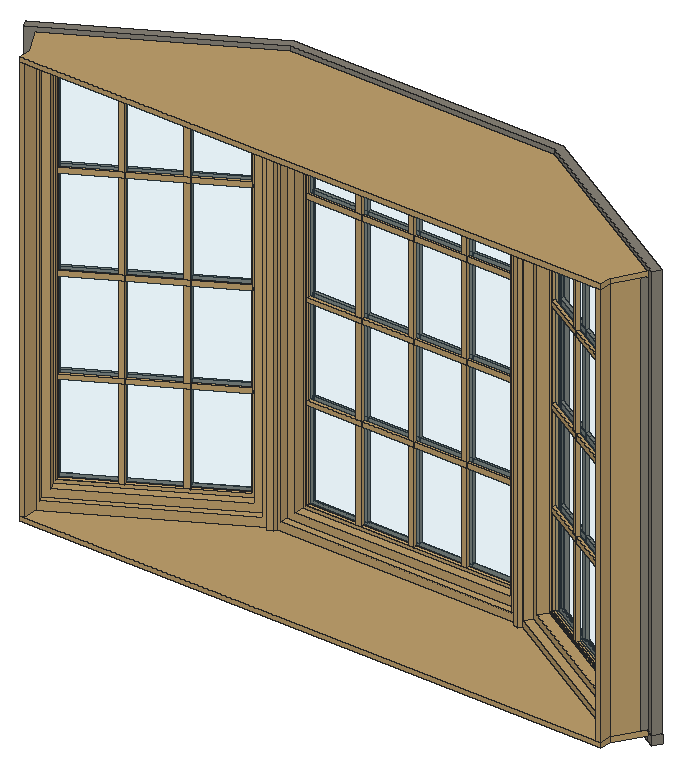
Revit family
Parameters (values of type "CUCABB_30")
  Window Type = "Clad Ultimate Casement Bay-30 Degree"
  Width Side Unit = Nominal Width Side Unit  # 2' - 4"
  Width Center Unit = Nominal Width Center Unit  # 3' - 0"
  Void Offset_SB = if(Sill Board Visibility, 0' 0 11/16", 0' 0")  # 0' - 0 11/16"
  Void Offset_S = if(Subsill A217 Visibility, 0' 1 11/32", if(Sill Board Visibility, 0' 0 11/16", if(Subsill A246 Visibility, 0' 0 9/16", 0' 0")))  # 0' - 1 11/32"
  Void Offset_HB = if(Head Board Visibility, 0' 0 11/16", 0' 0")  # 0' - 0 11/16"
  Void Offset_H = if(Flat Casing Visibility, 0' 3", if(BMC Visibility, 0' 1 5/16", if(Head Board Visibility, 0' 0 11/16", 0' 0")))  # 0' - 1 5/16"
  Void Offset_C2 = if(Flat Casing Visibility, 0' 3", 0' 1 5/16")  # 0' - 1 5/16"
  Void Offset_C = if(Casing Visibility, 0' 0", 0' 9")  # 0' - 0"
  Vent Area = VO Width * VO Height * 2  # 15.6714 SF
  VO Width = if(Width Side Unit < 1' 8", Width Side Unit - 0' 9 19/32", Width Side Unit - 0' 7 7/64")  # 1' - 8 57/64"
  VO Height = Height Without Seat_Head Board - 0' 5 29/256"  # 4' - 6 3/256"
  URL = "www.marvin.com"
  Subsill Height = if(Subsill A217 Visibility, 0' 1 11/32", 0' 0 9/16")  # 0' - 1 11/32"
  Prairie Corner Width = 0' - 4"
  Prairie Corner Height = 0' - 4"
  Offset_3 [instance] = if(not(Casing Visibility), 0' 0 1/16", if(Inset to Installation Flange > 0' 0 9/16", 0' 1", 0' 0"))  # 0' - 1"
  Offset_2 [instance] = if(not(Casing Visibility), 0' 0 1/16", if(Inset to Installation Flange < 0' 1", 0' 1", 0' 0"))  # 0' - 0"
  Offset [instance] = 0' 4 9/16" - Casing Offset + Inset to Installation Flange  # 0' - 4 29/32"
  Muntins Interior Material = Wood-Marvin-Pine
  Muntins Exterior Material = Aluminum-Marvin-Bronze
  Lite Cut Prairie 9 = no
  Lite Cut HV Grid = not(Lite Cut Prairie 9)  # yes
  Interior Material = Wood-Marvin-Pine
  Head Board Visibility = yes
  Sill Board Visibility = yes
  Projection = (Width Side Unit + 0' 1 57/256") * sin(30.00°)  # 1' - 2.61133"
  Glazing Material = Glass-Marvin-IG Low E II with Argon
  Frame = "Aluminum Clad"
  Elevation Swing Visibility = yes
  Design Pressure = "DP50"
  Cladding Material = Aluminum-Marvin-Bronze
  Casing Width = if(BMC Visibility, 0' 1 5/16", 0' 3")  # 0' - 1 5/16"
  Casing Visibility = yes
  Subsill Visibility = yes
  Casing Offset = if(BMC Visibility, 0' 0 21/32", if(Flat Casing Visibility, 0' 1 1/2", 0' 0"))  # 0' - 0 21/32"
  BMC Visibility = and(Casing Visibility, BMC)  # yes
  Flat Casing Visibility = and(Casing Visibility, Flat Casing)  # no
  Subsill A246 Visibility = and(Subsill Visibility, Subsill A246)  # no
  Subsill A217 Visibility = and(Subsill Visibility, Subsill A217)  # yes
  BMC = yes
  Flat Casing = not(BMC)  # no
  Subsill A246 = no
  Subsill A217 = not(Subsill A246)  # yes
  Nominal Width Side Unit = 2' - 4"
  Nominal Width Center Unit = 3' - 0"
  Nominal Height = 5' - 0"
  Model = "CUCABB_30"
  Manufacturer = "Marvin Windows and Doors"
  Lites Wide Side = 3
  Lites Wide Center = 4
  Lites High = 4
  Label Visibility = no
  Height With Seat_Head Board = Nominal Height + 0' 0 1/2"  # 5' - 0 1/2"
  Height Without Seat_Head Board = Nominal Height - 0' 0 7/8"  # 4' - 11 1/8"
  Glass Type = "IG Low E II with Argon"
  Family created by (URL) = "www.rbuiltcomponents.com"
  Rough Width = (Projection / tan(30.00°)) * 2 + Width Center Unit + 0' 2 57/128"  # 7' - 5.06044"
  Rough Height = Height + 0' 0 1/2"  # 5' - 1"
  Muntins Interior Visibility = yes
  Muntins Exterior Visibility = yes
  Inset to Installation Flange [instance] = 0' - 1"
  Height = if(and(Head Board Visibility, Sill Board Visibility), Nominal Height + 0' 0 1/2", if(or(Head Board Visibility, Sill Board Visibility), Nominal Height - 0' 0 3/16", Nominal Height - 0' 0 7/8"))  # 5' - 0 1/2"
  Description = "CSMT BAY"
  Default Head Height = 8' - 0"
  Wall Closure = (empty or 0)
  Width = Rough Width  # 7' - 5.06044"
  Daylight Area = 2 * (DLO Width Side * DLO Height) + (DLO Width Center * DLO Height)  # 27.605 SF
  DLO Width Side = Width Side Unit - 0' 5 13/16"  # 1' - 10 3/16"
  DLO Width Center = Width Center Unit - 0' 5 13/16"  # 2' - 6 3/16"
  DLO Height = Height Without Seat_Head Board - 0' 5 13/16"  # 4' - 5 5/16"
  Assembly Code = ""
Reference planes (in)
  plane 1 "Center (Front/Back)": y = 6.53006
  plane 2: z = 0
  plane 3 "Center (Left/Right)": x = -3
  plane 4 "Left": x = -47.53022
  plane 5 "Right": x = 41.53022
  plane 6 "Sill": z = 36.1875
  plane 7 "Top": z = 95.3125
  plane 8 "Inset": y = 9.18631
  plane 9 "Jamb Ext Face": y = 4.62381
  plane 10: z = 65.75
  plane 11: y = 5.23709
  plane 12: x = -45.25014
  plane 13: x = 39.24897
  plane 14 "Projection": y = 23.79764
  plane 15 "HB": z = 96
  plane 16 "SB": z = 35.5
  plane 17 "Offset_H": z = 96.625
  plane 18 "Offset_S": z = 34.84375
  plane 19 "Subsill": z = 34.84375
  plane 20 "Offset_HB": z = 96
  plane 21 "Offset_SB": z = 35.5
  plane 22 "Casing": z = 96.625
Forms (in)
  Extrusion 1, void
    sketch origin (0, 0, 36.1875) x (0, -1, 0) y (1, 0, 0)
      loop
        line (-5.23709, -45.25014) -> (-3.53006, -45.25014) -> (-3.53006, 39.24897) -> (-5.23709, 39.24897) -> (-5.23709, -45.25014)
    from -0.6875 to 59.8125
  Extrusion 2, void
    sketch origin (0, 0, 36.1875) x (0, -1, 0) y (1, 0, 0)
      loop
        line (-9.53006, -47.72868) -> (-5.23709, -45.25014) -> (-5.23709, 39.25014) -> (-9.53006, 41.72868) -> (-9.53006, -47.72868)
    from -1.34375 to 60.4375
  Extrusion 3, solid, material "Wood-Marvin-Pine" <- "Interior Material", visible <- "Sill Board Visibility"
    sketch origin (0, 0, 36.1875) x (0, -1, 0) y (1, 0, 0)
      loop
        line (-9.18631, -47.53022) -> (-5.23709, -45.25014) -> (-3.53006, -45.25014) -> (-3.53006, 39.24897) -> (-5.23507, 39.24897) -> (-9.18631, 41.53022) -> (-23.79764, 16.22266) -> (-23.79764, -22.22266) -> (-9.18631, -47.53022)
    from 0 to -0.6875
  Extrusion 4, solid, material "Wood-Marvin-Pine" <- "Interior Material", visible <- "Head Board Visibility"
    sketch origin (0, 0, 95.3125) x (0, -1, 0) y (1, 0, 0)
      loop
        line (-9.18631, -47.53022) -> (-5.23709, -45.25014) -> (-3.53006, -45.25014) -> (-3.53006, 39.24897) -> (-5.23709, 39.24897) -> (-9.18631, 41.53022) -> (-23.79764, 16.23561) -> (-23.79764, -22.22266) -> (-9.18631, -47.53022)
    from 0.6875 to 0
  Extrusion 5, void
    sketch origin (0, 0, 36.1875) x (0, -1, 0) y (1, 0, 0)
      loop
        line (-9.18631, -47.53022) -> (-19.57861, -53.53022) -> (-18.92236, -54.66688) -> (-8.53006, -48.66688) -> (-9.18631, -47.53022)
      loop
        line (-9.18631, 41.53022) -> (-8.53006, 42.66688) -> (-18.92236, 48.66688) -> (-19.57861, 47.53022) -> (-9.18631, 41.53022)
    from -1.34375 to 60.4375
  Extrusion 6, void
    sketch origin (0, 0, 36.1875) x (0, -1, 0) y (1, 0, 0)
      loop
        line (-23.79764, -22.22266) -> (-8.53006, -48.66688) -> (-8.53006, 42.66688) -> (-23.79764, 16.22266) -> (-23.79764, -22.22266)
    from 60.4375 to -1.34375
  Sweep 7, solid, material "Aluminum-Marvin-Bronze" <- "Cladding Material", visible <- "Flat Casing Visibility"
    path in 3D
      loop
        line (-48.66688, 8.53006, 34.84375) -> (-48.66688, 8.53006, 96.625) -> (-22.22266, 23.79764, 96.625) -> (16.22266, 23.79764, 96.625) -> (42.66688, 8.53006, 96.625) -> (42.66688, 8.53006, 34.84375)
    profile "Flat_Casing_Clad : Flat_Casing_Clad" origin (-48.66688, 8.53006, 65.73438) x (1, 0, 0) y (0, 1, 0)
      loop
        line (2.0512, 2.44722) -> (-0.54688, 0.94722) -> (0, 0) -> (2.59808, 1.5) -> (2.0512, 2.44722)
  Sweep 8, solid, material "Aluminum-Marvin-Bronze" <- "Cladding Material", visible <- "Subsill Visibility"
    path in 3D
      loop
        line (42.66688, 8.53006, 34.84375) -> (16.22266, 23.79764, 34.84375) -> (-22.22266, 23.79764, 34.84375) -> (-48.66688, 8.53006, 34.84375)
    profile origin (-3, 23.79764, 34.84375) x (0, -1, 0) y (0, 0, 1)
      loop
        line (0, 1.34375) -> (-1.09401, 1.34375) -> (-1.09401, 1.1911) -> (-1.34375, 1.15625) -> (-1.34375, 0) -> (0, 0) -> (0, 1.34375)
  Sweep 9, solid, material "Aluminum-Marvin-Bronze" <- "Cladding Material", visible <- "BMC Visibility"
    path in 3D
      loop
        line (-48.66688, 8.53006, 34.84375) -> (-48.66688, 8.53006, 96.625) -> (-22.22266, 23.79764, 96.625) -> (16.22266, 23.79764, 96.625) -> (42.66688, 8.53006, 96.625) -> (42.66688, 8.53006, 34.84375)
    profile "BMC_Clad : BMC_Clad" origin (-48.66688, 8.53006, 65.73438) x (1, 0, 0) y (0, 1, 0)
      loop
        line (-0.10826, 1.38084) -> (-0.62494, 1.08253) -> (0.00006, 0) -> (1.13672, 0.65625) -> (0.58984, 1.60347) -> (0.26006, 1.41306) -> (-0.10826, 1.38084)
  Extrusion 10, solid, material "Wood-Marvin-Pine" <- "Interior Material"
    sketch origin (0, 0, 36.1875) x (0, -1, 0) y (1, 0, 0)
      loop
        line (-3.53006, -45.25014) -> (-3.53006, -44.56264) -> (-5.63132, -44.56264) -> (-5.23439, -45.25014) -> (-3.53006, -45.25014)
      loop
        line (-3.53006, 39.24897) -> (-5.23507, 39.24897) -> (-5.632, 38.56147) -> (-3.53006, 38.56147) -> (-3.53006, 39.24897)
    from 0 to 59.125
  Extrusion 11, solid, material "Wood-Marvin-Pine" <- "Interior Material"
    sketch origin (0, 0, 36.1875) x (0, -1, 0) y (1, 0, 0)
      loop
        line (-24.13375, -23.82851) -> (-19.34376, -21.06301)
        arc (-19.34376, -21.06301) -> (-19.24891, -21.05052) -> (-19.17301, -21.10876) r 0.125
        line (-19.17301, -21.10876) -> (-18.93851, -21.51493) -> (-18.5055, -21.26493) -> (-18.73565, -20.40651) -> (-19.23565, -20.40651) -> (-19.23565, -20.875)
        arc (-19.23565, -20.875) -> (-19.27226, -20.96339) -> (-19.36065, -21) r 0.125
        line (-19.36065, -21) -> (-24.89165, -21) -> (-24.89165, -22.51579) -> (-24.13375, -23.82851)
      loop
        line (-24.13375, 17.82851) -> (-24.89165, 16.51579) -> (-24.89165, 15) -> (-19.36065, 15)
        arc (-19.36065, 15) -> (-19.27226, 14.96339) -> (-19.23565, 14.875) r 0.125
        line (-19.23565, 14.875) -> (-19.23565, 14.40651) -> (-18.73565, 14.40651) -> (-18.5055, 15.26493) -> (-18.93851, 15.51493) -> (-19.17301, 15.10876)
        arc (-19.17301, 15.10876) -> (-19.24891, 15.05052) -> (-19.34376, 15.06301) r 0.125
        line (-19.34376, 15.06301) -> (-24.13375, 17.82851)
    from 0 to 59.125
Cuts and joins
  Extrusion 5 cuts Extrusion 3
Lines and regions (in)
  Masking region 1, visible <- "Sill Board Visibility"
    outline origin (0, 0, 36.1875) x (0, -1, 0) y (1, 0, 0)
      loop
        line (-19.23514, -21.00014) -> (-5.23439, -45.25014) -> (-3.53006, -45.25014) -> (-3.53006, 39.24897) -> (-5.23507, 39.24897) -> (-19.23514, 15.00014) -> (-19.23514, -21.00014)
  Masking region 2
    outline origin (-3, 7.5, 0) x (0, 1, 0) y (0, 0, 1)
      loop
        line (17.39165, 95.3125) -> (-3.96994, 95.3125) -> (-3.96994, 36.1875) -> (17.39165, 36.1875) -> (17.39165, 95.3125)
  Masking region 3, visible <- "BMC Visibility"
    outline origin (0, 0, 36.1875) x (0, -1, 0) y (1, 0, 0)
      loop
        line (-10.13353, -48.07703) -> (-9.94312, -48.40682) -> (-9.9109, -48.77513) -> (-9.61259, -49.29182) -> (-8.53006, -48.66682) -> (-9.18631, -47.53016) -> (-10.13353, -48.07703)
      loop
        line (-10.13353, 42.07703) -> (-9.18631, 41.53016) -> (-8.53006, 42.66682) -> (-9.61259, 43.29182) -> (-9.9109, 42.77513) -> (-9.94312, 42.40682) -> (-10.13353, 42.07703)
  Masking region 4, visible <- "Flat Casing Visibility"
    outline origin (0, 0, 36.1875) x (0, -1, 0) y (1, 0, 0)
      loop
        line (-8.53006, -48.66688) -> (-10.03006, -46.0688) -> (-10.97728, -46.61568) -> (-9.47728, -49.21375) -> (-8.53006, -48.66688)
      loop
        line (-8.53006, 42.66688) -> (-9.47728, 43.21375) -> (-10.97728, 40.61568) -> (-10.03006, 40.0688) -> (-8.53006, 42.66688)
  Masking region 5
    outline origin (0, 0, 36.1875) x (0, -1, 0) y (1, 0, 0)
      loop
        line (-24.89165, -22.51579) -> (-10.13375, -48.07722) -> (-5.23709, -45.25014) -> (-3.53006, -45.25014) -> (-3.53006, -44.56264) -> (-5.63191, -44.56264) -> (-19.23514, -21.00115) -> (-19.23514, 15.00115) -> (-5.63258, 38.56147) -> (-3.53006, 38.56147) -> (-3.53006, 39.24897) -> (-5.23507, 39.24897) -> (-10.13375, 42.07722) -> (-24.89165, 16.51579) -> (-24.89165, -22.51579)
  Masking region 6, visible <- "Subsill Visibility"
    outline origin (-47.53022, 0, 0) x (0, -1, 0) y (0, 0, 1)
      loop
        line (-5.23709, 36.1875) -> (-24.89165, 36.1875) -> (-24.89165, 36.03485) -> (-25.14139, 36) -> (-25.14139, 34.84375) -> (-5.23709, 34.84375) -> (-5.23709, 36.1875)
  Masking region 7, visible <- "Sill Board Visibility"
    outline origin (-47.53022, 0, 0) x (0, -1, 0) y (0, 0, 1)
      loop
        line (-23.79764, 36.1875) -> (-23.79764, 35.5) -> (-3.53006, 35.5) -> (-3.53006, 36.1875) -> (-23.79764, 36.1875)
  Masking region 8, visible <- "Casing Visibility"
    outline origin (-47.53022, 0, 0) x (0, -1, 0) y (0, 0, 1)
      loop
        line (-24.89139, 96.625) -> (-24.89139, 95.3125) -> (-5.23709, 95.3125) -> (-5.23709, 96.625) -> (-24.89139, 96.625)
  Masking region 9, visible <- "Head Board Visibility"
    outline origin (-47.53022, 0, 0) x (0, -1, 0) y (0, 0, 1)
      loop
        line (-23.79764, 96) -> (-23.79764, 95.3125) -> (-3.53006, 95.3125) -> (-3.53006, 96) -> (-23.79764, 96)
  symbolic lines, style "WindowsFrameMullionProjection", detail levels coarse+medium
    curve 1: line (-3, 24.89165, 95.3125) -> (-3, 24.89165, 94.1245)
    curve 2: line (-3, 24.89165, 94.1245) -> (-3, 19.23565, 94.1245)
    curve 3: line (-3, 19.23565, 94.1245) -> (-3, 19.23565, 95.3125)
    curve 4: line (-3, 23.43165, 94.1245) -> (-3, 23.43165, 92.4165)
    curve 5: line (-3, 23.43165, 92.4165) -> (-3, 21.81065, 92.4165)
    curve 6: line (-3, 21.81065, 37.3755) -> (-3, 21.81065, 39.0835)
    curve 7: line (-3, 24.89165, 36.1875) -> (-3, 24.89165, 37.3755)
    curve 8: line (-3, 24.89165, 37.3755) -> (-3, 19.23565, 37.3755)
    curve 9: line (-3, 19.23565, 37.3755) -> (-3, 19.23565, 36.1875)
    curve 10: line (-3, 23.43165, 39.0835) -> (-3, 21.81065, 39.0835)
    curve 11: line (-3, 21.81065, 39.0835) -> (-3, 21.81065, 92.4165)
    curve 12: line (-3, 23.43165, 39.0835) -> (-3, 23.43165, 37.3755)
    curve 13: line (-3, 21.81065, 92.4165) -> (-3, 21.81065, 94.1245)
    curve 14: line (-3, 23.43165, 92.4165) -> (-3, 23.43165, 39.0835)
    curve 36: line (-45.24922, 5.23551, 36.1875) -> (-44.22038, 5.82951, 36.1875)
    curve 37: line (-44.22038, 5.82951, 36.1875) -> (-47.0457, 10.72309, 36.1875)
    curve 38: line (-48.07453, 10.12909, 36.1875) -> (-45.24922, 5.23551, 36.1875)
    curve 39: line (-47.0457, 10.72309, 36.1875) -> (-48.07453, 10.12909, 36.1875)
    curve 40: line (-44.83921, 10.31735, 36.1875) -> (-46.31838, 9.46335, 36.1875)
    curve 41: line (-45.50788, 8.05952, 36.1875) -> (-44.02871, 8.91352, 36.1875)
    curve 42: line (-44.02871, 8.91352, 36.1875) -> (-44.83921, 10.31735, 36.1875)
    curve 43: line (-23.82851, 24.13375, 36.1875) -> (-21.00051, 19.23551, 36.1875)
    curve 44: line (-23.82851, 24.13375, 36.1875) -> (-24.85735, 23.53975, 36.1875)
    curve 45: line (-22.02935, 18.64151, 36.1875) -> (-21.00051, 19.23551, 36.1875)
    curve 46: line (-24.85735, 23.53975, 36.1875) -> (-22.02935, 18.64151, 36.1875)
    curve 47: line (-25.60652, 21.42135, 36.1875) -> (-24.12735, 22.27535, 36.1875)
    curve 48: line (-23.31685, 20.87152, 36.1875) -> (-24.79602, 20.01752, 36.1875)
    curve 49: line (-24.79602, 20.01752, 36.1875) -> (-25.60652, 21.42135, 36.1875)
    curve 50: line (-21.00051, 24.89165, 36.1875) -> (-21.00051, 19.23565, 36.1875)
    curve 51: line (-21.00051, 19.23565, 36.1875) -> (-19.81251, 19.23565, 36.1875)
    curve 52: line (-19.81251, 19.23565, 36.1875) -> (-19.81251, 24.89165, 36.1875)
    curve 53: line (-19.81251, 24.89165, 36.1875) -> (-21.00051, 24.89165, 36.1875)
    curve 54: line (-18.10451, 23.43165, 36.1875) -> (-19.81251, 23.43165, 36.1875)
    curve 55: line (-19.81251, 21.81065, 36.1875) -> (-18.10451, 21.81065, 36.1875)
    curve 56: line (-18.10451, 21.81065, 36.1875) -> (-18.10451, 23.43165, 36.1875)
    curve 57: line (15.00051, 24.89165, 36.1875) -> (15.00051, 19.23565, 36.1875)
    curve 58: line (15.00051, 19.23565, 36.1875) -> (13.81251, 19.23565, 36.1875)
    curve 59: line (13.81251, 19.23565, 36.1875) -> (13.81251, 24.89165, 36.1875)
    curve 60: line (13.81251, 24.89165, 36.1875) -> (15.00051, 24.89165, 36.1875)
    curve 61: line (12.10451, 23.43165, 36.1875) -> (13.81251, 23.43165, 36.1875)
    curve 62: line (13.81251, 21.81065, 36.1875) -> (12.10451, 21.81065, 36.1875)
    curve 63: line (12.10451, 21.81065, 36.1875) -> (12.10451, 23.43165, 36.1875)
    curve 65: line (15.00063, 19.23523, 36.1875) -> (17.82872, 24.13363, 36.1875)
    curve 66: line (17.82872, 24.13363, 36.1875) -> (18.85735, 23.53975, 36.1875)
    curve 67: line (18.85735, 23.53975, 36.1875) -> (16.02926, 18.64135, 36.1875)
    curve 68: line (16.02926, 18.64135, 36.1875) -> (15.00063, 19.23523, 36.1875)
    curve 69: line (19.60652, 21.42135, 36.1875) -> (18.12735, 22.27535, 36.1875)
    curve 70: line (17.31685, 20.87152, 36.1875) -> (18.79602, 20.01752, 36.1875)
    curve 71: line (18.79602, 20.01752, 36.1875) -> (19.60652, 21.42135, 36.1875)
    curve 72: line (39.50788, 8.05952, 36.1875) -> (38.02871, 8.91352, 36.1875)
    curve 73: line (38.83921, 10.31735, 36.1875) -> (40.31838, 9.46335, 36.1875)
    curve 74: line (38.02871, 8.91352, 36.1875) -> (38.83921, 10.31735, 36.1875)
    curve 75: line (38.22038, 5.82951, 36.1875) -> (41.04838, 10.72775, 36.1875)
    curve 76: line (39.24922, 5.23551, 36.1875) -> (38.22038, 5.82951, 36.1875)
    curve 77: line (42.07722, 10.13375, 36.1875) -> (39.24922, 5.23551, 36.1875)
    curve 78: line (41.04838, 10.72775, 36.1875) -> (42.07722, 10.13375, 36.1875)
    curve 79: line (-23.82851, 24.13375, 36.1875) -> (-22.517, 24.89095, 36.1875)
    curve 80: line (-21.00051, 24.89095, 36.1875) -> (-22.517, 24.89095, 36.1875)
    curve 81: line (15.00051, 24.89165, 36.1875) -> (16.51579, 24.89165, 36.1875)
    curve 82: line (17.82872, 24.13363, 36.1875) -> (16.51579, 24.89165, 36.1875)
    curve 87: line (-44.56264, 5.63191, 36.1875) -> (-44.56264, 3.53006, 36.1875)
    curve 88: line (-44.56264, 3.53006, 36.1875) -> (-45.25014, 3.53006, 36.1875)
    curve 89: line (38.56147, 3.53006, 36.1875) -> (38.56147, 5.63258, 36.1875)
    curve 90: line (39.24897, 3.53006, 36.1875) -> (38.56147, 3.53006, 36.1875)
    curve 94: line (-47.53022, 24.89165, 36.1875) -> (-47.53022, 19.23565, 36.1875)
    curve 104: line (-47.53022, 19.23565, 95.3125) -> (-47.53022, 24.89139, 95.3125)
    curve 141: line (-44.83921, 10.31735, 36.1875) -> (-25.60652, 21.42135, 36.1875)
    curve 142: line (-44.02871, 8.91352, 36.1875) -> (-24.79602, 20.01752, 36.1875)
    curve 143: line (-18.10451, 23.43165, 36.1875) -> (12.10451, 23.43165, 36.1875)
    curve 144: line (-18.10451, 21.81065, 36.1875) -> (12.10451, 21.81065, 36.1875)
    curve 145: line (19.60652, 21.42135, 36.1875) -> (38.83921, 10.31735, 36.1875)
    curve 146: line (18.79602, 20.01752, 36.1875) -> (38.02871, 8.91352, 36.1875)
  symbolic lines, style "WindowsFrameMullionProjection"
    curve 15: line (-3, 19.23565, 37.3755) -> (-3, 19.23565, 94.1245)
    curve 117: line (-47.53022, 18.64151, 92.4165) -> (-47.53022, 9.98479, 92.4165)
    curve 118: line (-47.53022, 9.98479, 92.4165) -> (-47.53022, 9.98479, 39.0835)
    curve 119: line (-47.53022, 9.98479, 39.0835) -> (-47.53022, 18.64151, 39.0835)
    curve 120: line (-47.53022, 18.64151, 94.1245) -> (-47.53022, 6.78288, 94.1245)
    curve 121: line (-47.53022, 6.78288, 37.3755) -> (-47.53022, 18.64151, 37.3755)
    curve 122: line (-47.53022, 9.18093, 94.1245) -> (-47.53022, 9.18093, 37.3755)
    curve 123: line (-47.53022, 5.63132, 36.1875) -> (-47.53022, 5.63132, 95.3125)
    curve 124: line (-47.53022, 6.78288, 37.3755) -> (-47.53022, 6.78288, 94.1245)
    curve 125: line (-47.53022, 18.64151, 37.3755) -> (-47.53022, 18.64151, 94.1245)
  reference lines
    curve 16: line (-47.53022, 9.18631, 36.1875) -> (-45.25014, 5.23709, 36.1875)
    curve 17: line (-47.53022, 9.18631, 36.1875) -> (-45.25014, 5.23709, 36.1875)
    curve 18: line (41.53022, 9.18631, 36.1875) -> (39.24984, 5.23659, 36.1875)
    curve 19: line (-47.53022, 9.18631, 36.1875) -> (-22.22266, 23.79764, 36.1875)
    curve 20: line (41.53022, 9.18631, 36.1875) -> (16.22266, 23.79764, 36.1875)
    curve 21: line (-22.22266, 23.79764, 36.1875) -> (16.22266, 23.79764, 36.1875)
  sketch lines
    curve 22: line (-48.66688, 8.53006, 34.84375) -> (-48.66688, 8.53006, 96.625)
    curve 23: line (-48.66688, 8.53006, 96.625) -> (-22.22266, 23.79764, 96.625)
    curve 24: line (-22.22266, 23.79764, 96.625) -> (16.22266, 23.79764, 96.625)
    curve 25: line (16.22266, 23.79764, 96.625) -> (42.66688, 8.53006, 96.625)
    curve 26: line (42.66688, 8.53006, 34.84375) -> (42.66688, 8.53006, 96.625)
    curve 27: line (16.22266, 23.79764, 34.84375) -> (-22.22266, 23.79764, 34.84375)
    curve 28: line (-22.22266, 23.79764, 34.84375) -> (-48.66688, 8.53006, 34.84375)
    curve 29: line (42.66688, 8.53006, 34.84375) -> (16.22266, 23.79764, 34.84375)
    curve 30: line (-48.66688, 8.53006, 34.84375) -> (-48.66688, 8.53006, 96.625)
    curve 31: line (-48.66688, 8.53006, 96.625) -> (-22.22266, 23.79764, 96.625)
    curve 32: line (-22.22266, 23.79764, 96.625) -> (16.22266, 23.79764, 96.625)
    curve 33: line (16.22266, 23.79764, 96.625) -> (42.66688, 8.53006, 96.625)
    curve 34: line (42.66688, 8.53006, 34.84375) -> (42.66688, 8.53006, 96.625)
  symbolic lines, style "WindowsFrameMullionProjection", visible <- "Flat Casing Visibility", detail levels coarse+medium
    curve 35: line (-46.0688, 10.03006, 36.1875) -> (-48.66688, 8.53006, 36.1875)
    curve 86: line (-49.21375, 9.47728, 36.1875) -> (-46.61568, 10.97728, 36.1875)
    curve 132: line (40.0688, 10.03006, 36.1875) -> (42.66688, 8.53006, 36.1875)
    curve 136: line (43.21375, 9.47728, 36.1875) -> (40.61568, 10.97728, 36.1875)
  symbolic lines, style "WindowsGlassProjection", detail levels coarse+medium
    curve 64: line (-18.10451, 22.62115, 36.1875) -> (12.10451, 22.62115, 36.1875)
    curve 91: line (-47.53022, 22.62115, 39.0835) -> (-47.53022, 22.62115, 92.4165)
    curve 130: line (-44.43396, 9.61544, 36.1875) -> (-25.20127, 20.71944, 36.1875)
    curve 131: line (38.43396, 9.61544, 36.1875) -> (19.20127, 20.71944, 36.1875)
  symbolic lines, style "WindowsFrameMullionProjection", visible <- "BMC Visibility", detail levels coarse+medium
    curve 83: line (-49.29182, 9.61259, 36.1875) -> (-48.77513, 9.9109, 36.1875)
    curve 84: line (-48.77513, 9.9109, 36.1875) -> (-48.40682, 9.94312, 36.1875)
    curve 85: line (-48.40682, 9.94312, 36.1875) -> (-48.07703, 10.13353, 36.1875)
    curve 133: line (43.29182, 9.61259, 36.1875) -> (42.77513, 9.9109, 36.1875)
    curve 134: line (42.77513, 9.9109, 36.1875) -> (42.40689, 9.94312, 36.1875)
    curve 135: line (42.40689, 9.94312, 36.1875) -> (42.07705, 10.13355, 36.1875)
    curve 138: line (-49.21371, 9.4773, 36.1875) -> (-49.29182, 9.61259, 36.1875)
    curve 140: line (43.29182, 9.61259, 36.1875) -> (43.21371, 9.4773, 36.1875)
  symbolic lines, style "Jamb Extension", visible <- "Subsill Visibility", detail levels fine
    curve 92: line (-47.53022, 25.14139, 34.84375) -> (-47.53022, 23.79764, 34.84375)
    curve 93: line (-47.53022, 23.79764, 34.84375) -> (-47.53022, 23.79764, 36.1875)
  symbolic lines, style "WindowsFrameMullionProjection", visible <- "Subsill Visibility", detail levels coarse+medium
    curve 95: line (-47.53022, 24.89165, 36.1875) -> (-47.53022, 24.89165, 36.03485)
    curve 96: line (-47.53022, 24.89165, 36.03485) -> (-47.53022, 25.14139, 36)
    curve 97: line (-47.53022, 25.14139, 36) -> (-47.53022, 25.14139, 34.84375)
    curve 98: line (-47.53022, 25.14139, 34.84375) -> (-47.53022, 23.79764, 34.84375)
    curve 99: line (-47.53022, 23.79764, 34.84375) -> (-47.53022, 23.79764, 36.1875)
  symbolic lines, style "WindowsFrameMullionProjection", visible <- "Sill Board Visibility", detail levels coarse+medium
    curve 100: line (-47.53022, 3.53006, 36.1875) -> (-47.53022, 23.79764, 36.1875)
    curve 101: line (-47.53022, 23.79764, 35.5) -> (-47.53022, 3.53006, 35.5)
    curve 102: line (-47.53022, 3.53006, 35.5) -> (-47.53022, 3.53006, 36.1875)
    curve 103: line (-47.53022, 23.79764, 36.1875) -> (-47.53022, 23.79764, 35.5)
  symbolic lines, style "WindowsFrameMullionProjection", visible <- "Head Board Visibility", detail levels coarse+medium
    curve 105: line (-47.53022, 23.79764, 96) -> (-47.53022, 3.53006, 96)
    curve 106: line (-47.53022, 23.79764, 95.3125) -> (-47.53022, 23.79764, 96)
    curve 107: line (-47.53022, 3.53006, 95.3125) -> (-47.53022, 23.79764, 95.3125)
    curve 108: line (-47.53022, 3.53006, 96) -> (-47.53022, 3.53006, 95.3125)
  symbolic lines, style "WindowsFrameMullionProjection", visible <- "Casing Visibility", detail levels coarse+medium
    curve 109: line (-47.53022, 24.89139, 96.625) -> (-47.53022, 23.79764, 96.625)
    curve 110: line (-47.53022, 24.89139, 95.3125) -> (-47.53022, 24.89139, 96.625)
    curve 111: line (-47.53022, 23.79764, 95.3125) -> (-47.53022, 24.89139, 95.3125)
    curve 112: line (-47.53022, 23.79764, 96.625) -> (-47.53022, 23.79764, 95.3125)
    curve 137: line (-48.66688, 8.53006, 36.1875) -> (-49.21375, 9.47728, 36.1875)
    curve 139: line (43.21375, 9.47728, 36.1875) -> (42.66688, 8.53006, 36.1875)
  symbolic lines, style "Jamb Extension", visible <- "Casing Visibility", detail levels fine
    curve 113: line (-47.53022, 24.89139, 96.625) -> (-47.53022, 23.79764, 96.625)
    curve 114: line (-47.53022, 24.89139, 95.3125) -> (-47.53022, 24.89139, 96.625)
    curve 115: line (-47.53022, 23.79764, 95.3125) -> (-47.53022, 24.89139, 95.3125)
    curve 116: line (-47.53022, 23.79764, 96.625) -> (-47.53022, 23.79764, 95.3125)
  symbolic lines, style "Elevation Swing", visible <- "Elevation Swing Visibility"
    curve 126: line (17.82851, 23.79764, 36) -> (41.53022, 23.79764, 65.75)
    curve 127: line (41.53022, 23.79764, 65.75) -> (17.82851, 23.79764, 95.3125)
    curve 128: line (-23.82851, 23.79764, 36.1875) -> (-47.53022, 23.79764, 65.75)
    curve 129: line (-47.53022, 23.79764, 65.75) -> (-23.82851, 23.79764, 95.3125)
Text (in)
  text "EXTERIOR" at (-58.6888, 50.90694, 0), in view "Ref. Level"
  text "INTERIOR" at (-58.6888, -37.76638, 0), in view "Ref. Level"
  text "Exterior" at (0, 43.65631, 123.19604), in view "Left"
  text "Exterior" at (0, 18.29385, 125.04747), in view "Right"
Dimensions and locks (in)
  equal spacing: plane 4 "Left", plane 3 "Center (Left/Right)", plane 5 "Right"
  "Rough Width": plane 4 "Left" to plane 5 "Right"
  "Height With Seat_Head Board": plane 16 "SB" to plane 15 "HB"
  "Offset": host wall to plane 9 "Jamb Ext Face"
  locked: plane 9 "Jamb Ext Face" to plane 8 "Inset" at 4.5625
  equal spacing: plane 6 "Sill", plane 10, plane 7 "Top"
  "Default Head Height": plane 2 to plane 15 "HB"
  locked: nested 2 to Sweep 8 at 6
  locked: plane 9 "Jamb Ext Face" to plane 11 at 0.61328
  locked: plane 4 "Left" to plane 12 at 2.28008
  locked: plane 13 to plane 5 "Right" at 2.28125
  "Projection": plane 8 "Inset" to plane 14 "Projection"
  locked: plane 7 "Top" to plane 15 "HB" at 0.6875
  locked: plane 16 "SB" to plane 6 "Sill" at 0.6875
  "Void Offset_H": plane 17 "Offset_H" to plane 7 "Top"
  "Void Offset_S": plane 6 "Sill" to plane 18 "Offset_S"
  "Void Offset_C2": Extrusion 5 sketch curve to Extrusion 5 sketch curve  (x2)
  "Subsill Height": plane 19 "Subsill" to plane 6 "Sill"
  locked: Sweep 8 sketch curve to Sweep 8 sketch curve at 1.34375
  "Casing Offset": Extrusion 6 sketch curve to plane 8 "Inset"
  "Void Offset_HB": plane 7 "Top" to plane 20 "Offset_HB"
  "Void Offset_SB": plane 21 "Offset_SB" to plane 6 "Sill"
  locked: Masking region 7 sketch curve to plane 6 "Sill" at 0.6875
  locked: plane 7 "Top" to Masking region 9 sketch curve at 0.6875
  "Casing Width": plane 7 "Top" to plane 22 "Casing"
  locked: plane 12 to Extrusion 10 sketch curve at 0.6875
  locked: Extrusion 10 sketch curve to plane 13 at 0.6875
  locked: curve 68 to Extrusion 11 sketch curve at 0.49981
  locked: curve 58 to Extrusion 11 sketch curve at 0.5
  locked: Extrusion 11 sketch curve to nested 3 at 0.49949
  locked: Extrusion 11 sketch curve to nested 4 at 0.49949
  locked: curve 19 to Extrusion 5 sketch curve at 12
  "Void Offset_C": curve 19 to Extrusion 5 sketch curve
  locked: Extrusion 5 sketch curve to curve 20 at 12
  "Void Offset_C": Extrusion 5 sketch curve to curve 20
  Sweep 8 sketch curve to Sweep 8 sketch curve to Sweep 8 sketch curve = 0' - 0.03485" locked, 0' - 0.15265" locked
  angle plane 8 "Inset" to curve 19 = 30.00°
  angle curve 20 to plane 8 "Inset" = 30.00°
  angle plane 8 "Inset" to nested 4 = 30.00°
  angle Extrusion 4 to plane 8 "Inset" = 30.0127°
  locked: curve 20 to curve 18 (angle 90.00°)
  locked: curve 17 to curve 19 (angle 90.00°)
  aligned and locked: nested 1 to plane 3 "Center (Left/Right)"
  aligned and locked: plane 8 "Inset" to nested 1
  aligned and locked: Masking region 1 sketch curve to host wall
  aligned and locked: Masking region 2 sketch curve to plane 7 "Top"
  aligned and locked: Masking region 2 sketch curve to plane 6 "Sill"
  aligned and locked: plane 3 "Center (Left/Right)" to nested 2
  aligned and locked: curve 8 to curve 15
  aligned and locked: Extrusion 1 sketch curve to plane 11
  aligned and locked: Extrusion 1 sketch curve to host wall
  aligned and locked: plane 12 to Extrusion 1 sketch curve
  aligned and locked: plane 13 to Extrusion 1 sketch curve
  aligned and locked: plane 11 to Extrusion 2 sketch curve
  aligned and locked: Extrusion 2 sketch curve to host wall
  aligned and locked: plane 8 "Inset" to curve 17
  aligned and locked: plane 4 "Left" to curve 17
  aligned and locked: plane 5 "Right" to curve 18
  aligned and locked: plane 8 "Inset" to curve 18
  aligned and locked: Extrusion 2 sketch curve to curve 18
  aligned and locked: Extrusion 2 sketch curve to curve 17
  aligned and locked: plane 14 "Projection" to curve 19
  aligned and locked: plane 14 "Projection" to curve 20
  aligned and locked: plane 3 "Center (Left/Right)" to nested 3
  aligned and locked: plane 7 "Top" to nested 5
  aligned and locked: nested 3 to plane 7 "Top"
  aligned and locked: nested 4 to plane 7 "Top"
  aligned and locked: plane 14 "Projection" to nested 3
  aligned and locked: Extrusion 3 sketch curve to nested 3
  aligned and locked: Extrusion 3 sketch curve to curve 18
  aligned and locked: plane 13 to Extrusion 3 sketch curve
  aligned and locked: Extrusion 3 sketch curve to host wall
  aligned and locked: plane 12 to Extrusion 3 sketch curve
  aligned and locked: Extrusion 3 sketch curve to curve 17
  aligned and locked: Extrusion 3 to plane 6 "Sill"
  aligned and locked: Extrusion 4 to plane 7 "Top"
  aligned and locked: Extrusion 4 to plane 15 "HB"
  aligned and locked: plane 16 "SB" to Extrusion 3
  aligned and locked: curve 17 to Extrusion 5 sketch curve
  aligned and locked: curve 18 to Extrusion 5 sketch curve
  aligned and locked: Extrusion 6 sketch curve to curve 21
  aligned and locked: Extrusion 6 sketch curve to curve 19
  aligned and locked: Extrusion 6 sketch curve to curve 20
  aligned and locked: plane 19 "Subsill" to Extrusion 6
  aligned and locked: cut or joined group of Extrusion 3, Extrusion 5 to Sweep 8 sketch curve
  aligned and locked: Sweep 8 sketch curve to nested 3
  aligned and locked: Extrusion 6 to Sweep 8 sketch curve
  aligned and locked: nested 3 to Sweep 8 sketch curve
  aligned and locked: Masking region 3 sketch curve to Sweep 9  (x10)
  aligned and locked: Sweep 9 to Masking region 3 sketch curve  (x2)
  aligned and locked: Masking region 4 sketch curve to Sweep 7  (x6)
  aligned and locked: Sweep 7 to Masking region 4 sketch curve  (x2)
  aligned and locked: Sweep 7 to curve 35  (x2)
  aligned and locked: curve 35 to Sweep 7
  aligned and locked: plane 18 "Offset_S" to Extrusion 2
  aligned and locked: Extrusion 5 to plane 17 "Offset_H"
  aligned and locked: Extrusion 2 to plane 17 "Offset_H"
  aligned and locked: Extrusion 1 to plane 20 "Offset_HB"
  aligned and locked: plane 21 "Offset_SB" to Extrusion 1
  aligned and locked: plane 18 "Offset_S" to Extrusion 5
  aligned and locked: curve 51 to nested 1
  aligned and locked: curve 53 to nested 1
  aligned and locked: curve 54 to nested 1
  aligned and locked: nested 1 to curve 55
  aligned and locked: curve 58 to nested 1
  aligned and locked: curve 60 to nested 1
  aligned and locked: curve 61 to nested 1
  aligned and locked: nested 1 to curve 62
  aligned and locked: nested 1 to curve 80
  aligned and locked: nested 1 to curve 81
  aligned and locked: curve 83 to Sweep 9  (x2)
  aligned and locked: curve 84 to Sweep 9
  aligned and locked: curve 85 to Sweep 9
  aligned and locked: curve 86 to Sweep 7  (x2)
  aligned and locked: Sweep 7 to curve 86
  aligned and locked: nested 6 to plane 6 "Sill"
  aligned and locked: plane 14 "Projection" to nested 6
  aligned and locked: Masking region 2 sketch curve to host wall
  aligned and locked: curve 4 to nested 6
  aligned and locked: curve 13 to nested 6
  aligned and locked: curve 9 to nested 6
  aligned and locked: curve 5 to nested 6
  aligned and locked: curve 10 to nested 6
  aligned and locked: curve 10 to curve 91
  aligned and locked: curve 5 to curve 91
  aligned and locked: Masking region 6 sketch curve to plane 6 "Sill"
  aligned and locked: Masking region 6 sketch curve to Sweep 8  (x4)
  aligned and locked: Masking region 7 sketch curve to host wall
  aligned and locked: plane 14 "Projection" to Masking region 7 sketch curve
  aligned and locked: Masking region 7 sketch curve to plane 6 "Sill"
  aligned and locked: curve 92 to Sweep 8  (x2)
  aligned and locked: nested 6 to curve 93
  aligned and locked: curve 94 to nested 6  (x2)
  aligned and locked: curve 95 to Sweep 8
  aligned and locked: curve 96 to Sweep 8
  aligned and locked: curve 97 to Sweep 8
  aligned and locked: plane 14 "Projection" to curve 99
  aligned and locked: curve 100 to Masking region 7
  aligned and locked: curve 101 to Masking region 7
  aligned and locked: curve 102 to Masking region 7
  aligned and locked: curve 103 to Masking region 7
  aligned and locked: Extrusion 6 to plane 17 "Offset_H"
  aligned and locked: Masking region 8 sketch curve to plane 7 "Top"
  aligned and locked: plane 14 "Projection" to Masking region 9 sketch curve
  aligned and locked: Masking region 9 sketch curve to host wall
  aligned and locked: nested 6 to curve 104
  aligned and locked: curve 107 to Masking region 9
  aligned and locked: curve 108 to Extrusion 4
  aligned and locked: plane 14 "Projection" to curve 106
  aligned and locked: plane 7 "Top" to curve 111
  aligned and locked: curve 112 to plane 14 "Projection"
  aligned and locked: nested 4 to curve 117
  aligned and locked: curve 118 to nested 4
  aligned and locked: curve 119 to nested 4
  aligned and locked: nested 4 to curve 120
  aligned and locked: nested 4 to curve 121
  aligned and locked: nested 4 to curve 122
  aligned and locked: curve 124 to nested 4
  aligned and locked: curve 125 to nested 4
  aligned and locked: curve 105 to Masking region 9
  aligned and locked: plane 22 "Casing" to Masking region 8 sketch curve
  aligned and locked: plane 22 "Casing" to curve 113
  aligned and locked: nested 5 to curve 126
  aligned and locked: plane 10 to curve 126
  aligned and locked: curve 127 to nested 5
  aligned and locked: curve 128 to nested 4
  aligned and locked: plane 10 to curve 128
  aligned and locked: nested 4 to curve 129
  aligned and locked: Masking region 5 sketch curve to nested 3
  aligned and locked: Masking region 5 sketch curve to nested 1  (x6)
  aligned and locked: plane 12 to Masking region 5 sketch curve
  aligned and locked: Masking region 5 sketch curve to host wall
  aligned and locked: plane 13 to Masking region 5 sketch curve
  aligned and locked: plane 12 to Extrusion 10 sketch curve
  aligned and locked: Extrusion 10 sketch curve to nested 4
  aligned and locked: host wall to Extrusion 10 sketch curve
  aligned and locked: nested 5 to Extrusion 10 sketch curve
  aligned and locked: Extrusion 10 sketch curve to plane 13
  aligned and locked: Extrusion 10 sketch curve to host wall
  aligned and locked: Extrusion 10 to plane 7 "Top"
  aligned and locked: plane 6 "Sill" to Extrusion 10
  aligned and locked: Masking region 5 sketch curve to Extrusion 10  (x2)
  aligned and locked: curve 56 to nested 1
  aligned and locked: curve 52 to nested 1
  aligned and locked: curve 50 to nested 1
  aligned and locked: curve 63 to nested 1
  aligned and locked: curve 59 to nested 1
  aligned and locked: curve 57 to nested 1
  aligned and locked: curve 66 to nested 1
  aligned and locked: curve 67 to nested 1
  aligned and locked: curve 69 to nested 1
  aligned and locked: nested 1 to curve 70
  aligned and locked: curve 71 to nested 1
  aligned and locked: nested 1 to curve 82
  aligned and locked: curve 79 to Sweep 8
  aligned and locked: curve 45 to nested 1
  aligned and locked: curve 43 to nested 1
  aligned and locked: curve 46 to nested 1
  aligned and locked: curve 44 to nested 1
  aligned and locked: curve 49 to nested 1
  aligned and locked: curve 40 to nested 1
  aligned and locked: nested 1 to curve 41
  aligned and locked: curve 42 to nested 1
  aligned and locked: nested 1 to curve 38
  aligned and locked: curve 36 to nested 1
  aligned and locked: curve 47 to nested 1
  aligned and locked: nested 1 to curve 48
  aligned and locked: curve 74 to nested 1
  aligned and locked: nested 1 to curve 72
  aligned and locked: curve 73 to nested 1
  aligned and locked: curve 78 to nested 1
  aligned and locked: nested 1 to curve 75
  aligned and locked: curve 76 to nested 1
  aligned and locked: nested 1 to curve 77
  aligned and locked: Sweep 7 to curve 132  (x2)
  aligned and locked: Sweep 7 to curve 136
  aligned and locked: curve 134 to Sweep 9
  aligned and locked: Sweep 9 to curve 133
  aligned and locked: curve 135 to Sweep 7
  aligned and locked: Masking region 1 sketch curve to nested 4
  aligned and locked: nested 5 to Masking region 1 sketch curve
  aligned and locked: Masking region 1 sketch curve to nested 3
  aligned and locked: Masking region 1 sketch curve to plane 13
  aligned and locked: plane 12 to Masking region 1 sketch curve
  aligned and locked: Sweep 8 to Masking region 5 sketch curve
  aligned and locked: nested 4 to curve 17
  aligned and locked: nested 5 to curve 18
  aligned and locked: nested 4 to curve 19
  aligned and locked: nested 5 to curve 20
  aligned and locked: Sweep 8 to Extrusion 11 sketch curve  (x2)
  aligned and locked: Extrusion 11 sketch curve to Sweep 8  (x2)
  aligned and locked: nested 1 to Extrusion 11 sketch curve  (x3)
  aligned and locked: curve 45 to Extrusion 11 sketch curve
  aligned and locked: Extrusion 11 sketch curve to nested 1
  aligned and locked: Extrusion 11 sketch curve to nested 3  (x2)
  aligned and locked: Extrusion 11 sketch curve to nested 4
  aligned and locked: Extrusion 11 sketch curve to nested 5
  aligned and locked: Extrusion 11 to plane 7 "Top"
  aligned and locked: plane 6 "Sill" to Extrusion 11
  aligned and locked: curve 87 to Extrusion 10
  aligned and locked: curve 136 to Sweep 7
  aligned and locked: curve 132 to Sweep 7
  aligned and locked: curve 135 to Sweep 9
  aligned and locked: Sweep 9 to curve 85
  aligned and locked: Sweep 8 to curve 77
  aligned and locked: curve 37 to nested 1
  aligned and locked: Sweep 9 to curve 138
  aligned and locked: Sweep 7 to curve 138
  aligned and locked: curve 139 to Sweep 7
  aligned and locked: curve 140 to Sweep 9
  aligned and locked: Sweep 7 to curve 140
  aligned and locked: Masking region 2 sketch curve to Extrusion 11
  aligned and locked: curve 1 to Extrusion 11
  aligned and locked: curve 7 to Extrusion 11
  aligned and locked: curve 123 to Extrusion 10
  aligned and locked: curve 114 to Sweep 7
  aligned and locked: Masking region 8 to Sweep 7
  aligned and locked: curve 104 to nested 6
  aligned and locked: plane 11 to Masking region 8 sketch curve
  aligned and locked: Masking region 6 sketch curve to plane 11
  aligned and locked: plane 1 "Center (Front/Back)" to host wall
Automatic sketch dimensions
  Extrusion 3 sketch curve to plane 4 "Left" = 0' - 0"
  Extrusion 3 sketch curve to plane 5 "Right" = 0' - 0"
  Masking region 5 sketch curve to host wall = 0' - 0"
  Extrusion 4 sketch curve to plane 14 "Projection" = 0' - 0"
  Extrusion 4 sketch curve to plane 4 "Left" = 0' - 0"
  Extrusion 4 sketch curve to plane 8 "Inset" = 0' - 0"  (x2)
  Extrusion 4 sketch curve to plane 5 "Right" = 0' - 0"
  Extrusion 4 sketch curve to plane 11 = 0' - 0"  (x2)
  Extrusion 4 sketch curve to host wall = 0' - 0"
  Extrusion 4 sketch curve to plane 12 = 0' - 0"
  Extrusion 4 sketch curve to plane 13 = 0' - 0"
  plane 14 "Projection" to curve 91 = 0' - 1.17649"
  Masking region 8 sketch curve to plane 14 "Projection" = 0' - 1 3/32"
  Masking region 9 sketch curve to plane 7 "Top" = 0' - 0"
  curve 129 to plane 4 "Left" = 0' - 0"
  curve 127 to plane 5 "Right" = 0' - 0"
  curve 128 to plane 6 "Sill" = 0' - 0"
  curve 129 to plane 7 "Top" = 0' - 0"
  curve 127 to plane 7 "Top" = 0' - 0"
  plane 6 "Sill" to curve 126 = 0' - 0 3/16"
  curve 16 to plane 11 = 0' - 0"
  Extrusion 11 sketch curve to Extrusion 11 sketch curve = 0' - 0 1/8"
  Extrusion 11 sketch curve to Extrusion 11 sketch curve = 0' - 0.01688"  (x2)
  Extrusion 11 sketch curve to Extrusion 11 sketch curve = 0' - 0 1/16"  (x3)
  Extrusion 11 sketch curve to Extrusion 11 sketch curve = 0' - 0.10825"  (x2)
  Extrusion 11 sketch curve to Extrusion 11 sketch curve = 0' - 0.2345"  (x2)
  Extrusion 11 sketch curve to Extrusion 11 sketch curve = 0' - 0.46849"  (x2)
  curve 9 to plane 6 "Sill" = 0' - 0"
  curve 7 to plane 6 "Sill" = 0' - 0"
  curve 1 to plane 7 "Top" = 0' - 0"
  curve 3 to plane 7 "Top" = 0' - 0"
  curve 9 to curve 9 = 0' - 1.188"
  plane 7 "Top" to curve 3 = 0' - 1.188"
  curve 87 to host wall = 0' - 0"
  curve 90 to host wall = 0' - 0"
  curve 88 to plane 12 = 0' - 0"
  curve 90 to plane 13 = 0' - 0"
  curve 66 to plane 14 "Projection" = 0' - 0.33599"
  curve 64 to curve 62 = 0' - 0.8105"
  curve 131 to curve 70 = 0' - 0.70191"
  curve 47 to curve 130 = 0' - 0.70191"
  curve 57 to curve 68 = 0' - 0.00042"
  curve 37 to plane 4 "Left" = 0' - 0.48452"
  curve 75 to curve 89 = 0' - 0.19693"
Nested families (in)
  nested 1: "Bay_Plan_Detail" at (-3, 9.18631, 36.1875) x (-1, 0, 0) z (0, 0, -1), type "Casement_Plan_Detail", detail levels fine
  nested 2: "Label Annotation 1-16 w4" at (-3, 30.89165, 0), visible <- "Label Visibility", type "Label Annotation 1-16 w4"
    with Nominal Width 7' - 5.06044"
  nested 3: "Window-Casement-Marvin-Clad_Ultimate" at (-3, 23.79764, -0.6875), Unit Width <- "Width Center Unit", type "Window-Casement-Marvin-Clad_Ultimate Center"
    with Unit Width 3' - 0", Elevation Swing RH no, Elevation Swing LH no, DLO Width 2' - 6 3/16", DLO Height 4' - 5 5/16"
  nested 4: "Window-Casement-Marvin-Clad_Ultimate" at (-35.40586, 16.18631, -0.6875) x (0.866, 0.5, 0) z (0, 0, 1), Unit Width <- "Width Side Unit", type "Window-Casement-Marvin-Clad_Ultimate Side"
    with Unit Width 2' - 4", Elevation Swing RH yes, Elevation Swing LH no, DLO Width 1' - 10 3/16", DLO Height 4' - 5 5/16"
  nested 5: "Window-Casement-Marvin-Clad_Ultimate" at (29.40586, 16.18631, -0.6875) x (-0.866, 0.5, 0) z (0, 0, 1), Unit Width <- "Width Side Unit", type "Window-Casement-Marvin-Clad_Ultimate Side"
    with Unit Width 2' - 4", Elevation Swing RH yes, Elevation Swing LH no, DLO Width 1' - 10 3/16", DLO Height 4' - 5 5/16"
  nested 6: "Bay_Section_Detail" at (-47.53022, 23.79764, 36.1875) x (0, -1, 0) z (-1, 0, 0), type "Casement_Section_Detail", detail levels fine
    with Height 4' - 11 1/8"
Definition of nested family "Window-Casement-Marvin-Clad_Ultimate"
  Parameters (values of type "Window-Casement-Marvin-Clad_Ultimate Center")
    Width = 0' - 0"
    Unit Width [instance] = 3' - 0"
    Prairie Corner Width = 0' - 4"
    Prairie Corner Height = 0' - 4"
    Muntins Interior Material = Wood-Marvin-Pine
    Muntins Exterior Material = Aluminum-Marvin-Bronze
    Lites Wide = 4
    Lites High = 4
    Lite Cut Prairie 9 = no
    Lite Cut HV Grid = yes
    Interior Grille = yes
    Interior Finish = Wood-Marvin-Pine
    Height = 4' - 11 1/8"
    Glazing Material = Glass-Marvin-IG Low E II with Argon
    Exterior Grille = yes
    Elevation Swing RH [instance] = yes
    Elevation Swing LH [instance] = no
    DLO Width [instance] = Unit Width - 0' 5 13/16"  # 2' - 6 3/16"
    DLO Height [instance] = Height - 0' 5 13/16"  # 4' - 5 5/16"
    Cladding Finish = Aluminum-Marvin-Bronze
    Assembly Code = ""
  Types (2): name | Unit Width | Muntins Interior Material | Muntins Exterior Material | Lites Wide | DLO Width
    Window-Casement-Marvin-Clad_Ultimate Side | 2' - 0" | none | none | 3 | 1' - 6 3/16"
    Window-Casement-Marvin-Clad_Ultimate Center | 3' - 0" | Wood-Marvin-Pine | Aluminum-Marvin-Bronze | 4 | 2' - 6 3/16"
  Reference planes (in)
    plane 1 "Center (Front/Back)": y = 0
    plane 2: z = 0
    plane 3 "Center (Left/Right)": x = 0
    plane 4: x = 18
    plane 5: x = -18
    plane 6 "Glazing": y = -0.75
    plane 7: y = -4.5625
    plane 8: z = 96
    plane 9: z = 36.875
    plane 10: z = 66.4375
  Forms (in)
    Sweep 1, solid, material "Aluminum-Marvin-Bronze" <- "Cladding Finish"
      path origin (0, -0.75, 0) x (1, 0, 0) y (0, 0, 1)
        loop
          line (-18, 36.875) -> (18, 36.875) -> (18, 96) -> (-18, 96) -> (-18, 36.875)
      profile "Profile_Ext_Clad_Frame : Profile_Ext_Clad_Frame" origin (0, -0.75, 36.875) x (0, 0, 1) y (0, -1, 0)
        loop
          line (0, 0) -> (0, -1.84401) -> (0.52105, -1.84401) -> (0.62315, -0.38401) -> (2.696, -0.38401) -> (2.696, -0.2654) -> (2.896, -0.0654) -> (2.896, 0) -> (0, 0)
    Sweep 2, solid, material "Wood-Marvin-Pine" <- "Interior Finish"
      path origin (0, -0.75, 0) x (1, 0, 0) y (0, 0, 1)
        loop
          line (18, 36.875) -> (18, 96) -> (-18, 96) -> (-18, 36.875) -> (18, 36.875)
      profile "Profile_Int_Frame : Profile_Int_Frame" origin (0, -0.75, 36.875) x (0, 0, -1) y (0, -1, 0)
        loop
          line (0, 0) -> (0, 3.81199) -> (-1.188, 3.81199) -> (-1.188, 2.71113) -> (-2.30184, 2.71113) -> (-2.30184, 1.23699) -> (-2.7085, 1.23699) -> (-2.7085, 1.13715) -> (-2.896, 0.94965) -> (-2.896, 0.75299) -> (-2.208, 0.75299) -> (-2.208, 0) -> (0, 0)
    Extrusion 3, solid, material "Glass-Marvin-IG Low E II with Argon" <- "Glazing Material"
      sketch origin (0, -0.75, 0) x (1, 0, 0) y (0, 0, 1)
        loop
          line (15.75, 93.75) -> (-15.75, 93.75) -> (-15.75, 39.125) -> (15.75, 39.125) -> (15.75, 93.75)
      from 0 to 0.75299
  Lines and regions (in)
    symbolic lines, style "Elevation Swing", visible <- "Elevation Swing RH"
      curve 1: line (17.37685, 0, 37.49815) -> (-17.37685, 0, 66.4375)
      curve 2: line (17.37685, 0, 95.37685) -> (-17.37685, 0, 66.4375)
    symbolic lines, style "Elevation Swing", visible <- "Elevation Swing LH"
      curve 3: line (-17.37685, 0, 37.49815) -> (17.37685, 0, 66.4375)
      curve 4: line (-17.37685, 0, 95.37685) -> (17.37685, 0, 66.4375)
  Dimensions and locks (in)
    equal spacing: plane 5, plane 3 "Center (Left/Right)", plane 4
    "Unit Width": plane 5 to plane 4
    locked: plane 6 "Glazing" to plane 1 "Center (Front/Back)" at 0.75
    locked: plane 7 to plane 1 "Center (Front/Back)" at 4.5625
    plane 2 to plane 8 = 8' - 0"
    "Height": plane 9 to plane 8
    equal spacing: plane 9, plane 10, plane 8
    locked: Extrusion 3 sketch curve to plane 8 at 2.25
    locked: plane 9 to Extrusion 3 sketch curve at 2.25
    locked: Extrusion 3 sketch curve to plane 5 at 2.25
    plane 4 to Extrusion 3 sketch curve = 0' - 2 1/4"
    locked: nested 1 to plane 6 "Glazing" at 0.76563
    aligned and locked: Sweep 1 sketch curve to plane 4
    aligned and locked: plane 9 to Sweep 1 sketch curve
    aligned and locked: plane 5 to Sweep 1 sketch curve
    aligned and locked: Sweep 1 sketch curve to plane 8
    aligned and locked: plane 9 to Sweep 2 sketch curve
    aligned and locked: Sweep 2 sketch curve to plane 8
    aligned and locked: Sweep 2 sketch curve to plane 4
    aligned and locked: plane 5 to Sweep 2 sketch curve
    aligned and locked: Extrusion 3 to plane 6 "Glazing"
    aligned and locked: Extrusion 3 to Sweep 2
    aligned and locked: plane 3 "Center (Left/Right)" to nested 1
    aligned and locked: plane 10 to nested 1
    aligned and locked: nested 2 to plane 10
    aligned and locked: nested 2 to plane 3 "Center (Left/Right)"
    aligned and locked: Sweep 1 to curve 3  (x2)
    aligned and locked: curve 4 to Sweep 1
    aligned and locked: curve 1 to Sweep 1
    aligned and locked: Sweep 1 to curve 1
    aligned and locked: Sweep 1 to curve 2
  Automatic sketch dimensions
    curve 2 to plane 10 = 0' - 0"
    curve 4 to plane 10 = 0' - 0"
    plane 9 to curve 1 = 0' - 0.62315"
    plane 9 to curve 3 = 0' - 0.62315"
    curve 4 to plane 8 = 0' - 0.62315"
    curve 2 to plane 8 = 0' - 0.62315"
  Nested families (in)
    nested 1: "Muntins" at (0, -1.51563, 3.78125), visible <- "Interior Grille", Muntin Material <- "Muntins Interior Material", type "Muntins"
      with Muntin Material Wood-Marvin-Pine, GlazingWidth 2' - 6 3/16", GlazingHeight 4' - 5 5/16", Width 2' - 6 5/8", VerticalMuntins 3, LitesVertical 4, LitesHorizontal 4, HorizontalMuntins 3, Height 4' - 5 3/4", Inset Vert 0' - 7 9/32", Inset Horiz 1' - 1 1/16"
    nested 2: "Muntins" at (0, -0.75, 3.78125), visible <- "Exterior Grille", Muntin Material <- "Muntins Exterior Material", type "Muntins"
      with Muntin Material Aluminum-Marvin-Bronze, GlazingWidth 2' - 6 3/16", GlazingHeight 4' - 5 5/16", Width 2' - 6 5/8", VerticalMuntins 3, LitesVertical 4, LitesHorizontal 4, HorizontalMuntins 3, Height 4' - 5 3/4", Inset Vert 0' - 7 9/32", Inset Horiz 1' - 1 1/16"
  Definition of nested family "Muntins"
    Parameters (values of type "Muntins")
      PrairieMuntVisible = no
      Prairie Corner Width = 0' - 4"
      Prairie Corner Height = 0' - 4"
      Muntin Extension = 0' - 0 7/16"
      GridMuntVisible = yes
      GlazingWidth = 2' - 0"
      GlazingHeight = 2' - 11 1/8"
      Width = GlazingWidth + Muntin Extension  # 2' - 0 7/16"
      VerticalMuntins = if(LitesHorizontal < 3, 2, LitesHorizontal - 1)  # 2
      VertMuntVisible = and(GridMuntVisible, LitesHorizontal > 2)  # yes
      MuntinWidth = 0' - 0 3/4"
      MuntinDepth [instance] = 0' - 0 3/8"
      Muntin Material [instance] = none
      LitesVertical = 3
      LitesHorizontal = 3
      HorizontalMuntins = if(LitesVertical < 3, 2, LitesVertical - 1)  # 2
      HorizMuntVisible = and(GridMuntVisible, LitesVertical > 2)  # yes
      Height = GlazingHeight + Muntin Extension  # 2' - 11 9/16"
      Inset Vert = if(LitesHorizontal < 3, (Width / 3) - (MuntinWidth / 2), (Width / LitesHorizontal) - (MuntinWidth / 2))  # 0' - 7.77083"
      Inset Horiz = if(LitesVertical < 3, (Height / 3) - (MuntinWidth / 2), (Height / LitesVertical) - (MuntinWidth / 2))  # 0' - 11.47917"
      CenterMuntinVertical = and(GridMuntVisible, LitesHorizontal = 2)  # no
      CenterMuntinHorizontal = and(GridMuntVisible, LitesVertical = 2)  # no
      Assembly Code = ""
    Reference planes (in)
      plane 1 "Center (Front/Back)": y = 0
      plane 2: z = 0
      plane 3 "Center (Left/Right)": x = 0
      plane 4: z = 35.78125
      plane 5: z = 53.5625
      plane 6: z = 71.34375
      plane 7: z = 59.86458
      plane 8: z = 47.26042
      plane 9: z = 71.125
      plane 10: z = 36
      plane 11: x = -12
      plane 12: x = 12
      plane 13: x = -4.44792
      plane 14: x = -12.21875
      plane 15: x = 12.21875
      plane 16: x = 4.44792
      plane 17: z = 67.125
      plane 18: z = 40
      plane 19: x = -8
      plane 20: x = 8
    Forms (in)
      Extrusion 1, solid, material <- "Muntin Material", visible <- "CenterMuntinVertical", detail levels medium+fine
        sketch origin (9, 0, 0) x (1, 0, 0) y (0, 0, 1)
          loop
            line (-9.375, 71.34375) -> (-9.375, 35.78125) -> (-8.625, 35.78125) -> (-8.625, 71.34375) -> (-9.375, 71.34375)
        from 0 to 0.375 <- "MuntinDepth"
      Extrusion 2, solid, material <- "Muntin Material", visible <- "CenterMuntinHorizontal", detail levels medium+fine
        sketch origin (-0.0013, 0, 14.6875) x (1, 0, 0) y (0, 0, 1)
          loop
            line (-12.21745, 39.25) -> (-12.21745, 38.5) -> (12.22005, 38.5) -> (12.22005, 39.25) -> (-12.21745, 39.25)
        from 0 to 0.375 <- "MuntinDepth"
      Extrusion 3, solid, material <- "Muntin Material", visible <- "VertMuntVisible", detail levels medium+fine
        sketch origin (4.92708, 0, -2.90625) x (1, 0, 0) y (0, 0, 1)
          loop
            line (-9.375, 74.25) -> (-9.375, 38.6875) -> (-8.625, 38.6875) -> (-8.625, 74.25) -> (-9.375, 74.25)
        from 0 to 0.375 <- "MuntinDepth"
      Extrusion 4, solid, material <- "Muntin Material", visible <- "HorizMuntVisible", detail levels medium+fine
        sketch origin (-3.09635, 0, 14.17708) x (1, 0, 0) y (0, 0, 1)
          loop
            line (-9.1224, 45.6875) -> (-9.1224, 44.9375) -> (15.3151, 44.9375) -> (15.3151, 45.6875) -> (-9.1224, 45.6875)
        from 0 to 0.375 <- "MuntinDepth"
      Extrusion 5, solid, material <- "Muntin Material", visible <- "HorizMuntVisible", detail levels medium+fine
        sketch origin (-3.09635, 0, 2.32292) x (1, 0, 0) y (0, 0, 1)
          loop
            line (-9.1224, 45.6875) -> (-9.1224, 44.9375) -> (15.3151, 44.9375) -> (15.3151, 45.6875) -> (-9.1224, 45.6875)
        from 0 to 0.375 <- "MuntinDepth"
      Extrusion 6, solid, material <- "Muntin Material", visible <- "VertMuntVisible", detail levels medium+fine
        sketch origin (13.07292, 0, -2.90625) x (1, 0, 0) y (0, 0, 1)
          loop
            line (-9.375, 74.25) -> (-9.375, 38.6875) -> (-8.625, 38.6875) -> (-8.625, 74.25) -> (-9.375, 74.25)
        from 0 to 0.375 <- "MuntinDepth"
      Extrusion 7, solid, material <- "Muntin Material", visible <- "PrairieMuntVisible", detail levels medium+fine
        sketch origin (1, 0, 0) x (1, 0, 0) y (0, 0, 1)
          loop
            line (-9, 71.34375) -> (-9, 35.78125) -> (-8.25, 35.78125) -> (-8.25, 71.34375) -> (-9, 71.34375)
        from 0 to 0.375 <- "MuntinDepth"
      Extrusion 8, solid, material <- "Muntin Material", visible <- "PrairieMuntVisible", detail levels medium+fine
        sketch origin (17, 0, 0) x (1, 0, 0) y (0, 0, 1)
          loop
            line (-9.75, 71.34375) -> (-9.75, 35.78125) -> (-9, 35.78125) -> (-9, 71.34375) -> (-9.75, 71.34375)
        from 0 to 0.375 <- "MuntinDepth"
      Extrusion 9, solid, material <- "Muntin Material", visible <- "PrairieMuntVisible", detail levels medium+fine
        sketch origin (-0.0013, 0, 28.25) x (1, 0, 0) y (0, 0, 1)
          loop
            line (-12.21745, 38.875) -> (-12.21745, 38.125) -> (12.22005, 38.125) -> (12.22005, 38.875) -> (-12.21745, 38.875)
        from 0 to 0.375 <- "MuntinDepth"
      Extrusion 10, solid, material <- "Muntin Material", visible <- "PrairieMuntVisible", detail levels medium+fine
        sketch origin (-0.0013, 0, 1.125) x (1, 0, 0) y (0, 0, 1)
          loop
            line (-12.21745, 39.625) -> (-12.21745, 38.875) -> (12.22005, 38.875) -> (12.22005, 39.625) -> (-12.21745, 39.625)
        from 0 to 0.375 <- "MuntinDepth"
    Cuts and joins
      joined: Extrusion 7, Extrusion 8, Extrusion 9, Extrusion 10
    Lines and regions (in)
      model lines, style "Muntins", visible <- "CenterMuntinHorizontal", detail levels coarse
        curve 1: line (-12.21875, 0, 53.5625) -> (12.21875, 0, 53.5625)
      model lines, style "Muntins", visible <- "HorizMuntVisible", detail levels coarse
        curve 2: line (-12.21875, 0, 59.48958) -> (12.21875, 0, 59.48958)
        curve 3: line (-12.21875, 0, 47.63542) -> (12.21875, 0, 47.63542)
      model lines, style "Muntins", visible <- "CenterMuntinVertical", detail levels coarse
        curve 4: line (0, 0, 71.34375) -> (0, 0, 35.78125)
      model lines, style "Muntins", visible <- "VertMuntVisible", detail levels coarse
        curve 5: line (-4.07292, 0, 71.34375) -> (-4.07292, 0, 35.78125)
        curve 6: line (4.07292, 0, 71.34375) -> (4.07292, 0, 35.78125)
      model lines, style "Muntins", visible <- "PrairieMuntVisible", detail levels coarse
        curve 7: line (-12.21875, 0, 66.75) -> (12.21875, 0, 66.75)
        curve 8: line (-12.21875, 0, 40.375) -> (12.21875, 0, 40.375)
        curve 9: line (-7.625, 0, 35.78125) -> (-7.625, 0, 71.34375)
        curve 10: line (7.625, 0, 35.78125) -> (7.625, 0, 71.34375)
    Dimensions and locks (in)
      "Inset Horiz": plane 6 to plane 7
      "Inset Horiz": plane 8 to plane 4
      equal spacing: plane 6, plane 5, plane 4
      "Height": plane 6 to plane 4
      "GlazingHeight": plane 9 to plane 10
      equal spacing: plane 9, plane 5, plane 10
      "GlazingWidth": plane 12 to plane 11
      equal spacing: plane 12, plane 3 "Center (Left/Right)", plane 11
      "MuntinWidth": Extrusion 1 sketch curve to Extrusion 1 sketch curve
      "Height": Extrusion 1 sketch curve to Extrusion 1 sketch curve
